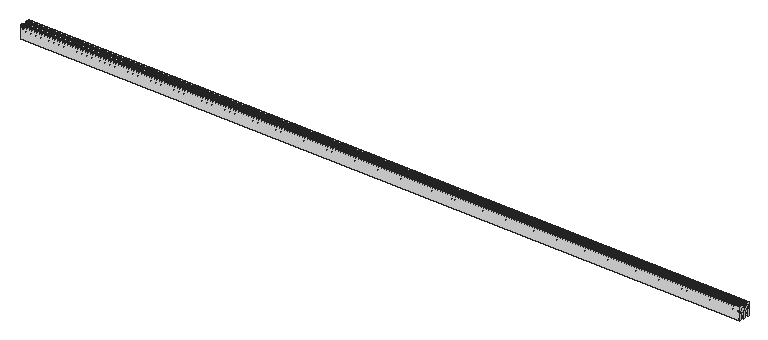
Revit family "BUS09S", category Electrical Fixtures, host Ceiling, Revit 2018 (continued)
Definition of nested family "BUS09S-BUSRUN"
  Forms (in)
    Extrusion 15, solid, material <- "Busrun Material", visible <- "6D"
      sketch origin (0, 0.50195, 2.392) x (0, -1, 0) y (0, 0, -1)
        loop
          arc (0.11829, 0.45189) -> (0.15595, 0.42248) -> (0.20258, 0.412) r 0.109
          line (0.20258, 0.412) -> (0.27058, 0.412)
          arc (0.27058, 0.412) -> (0.34765, 0.44393) -> (0.37958, 0.521) r 0.109
          line (0.37958, 0.521) -> (0.37958, 0.78047) -> (0.433, 0.873)
      from -72 to 72
    Extrusion 16, solid, material <- "Busrun Material", visible <- "4B"
      sketch origin (0, 0.50195, 2.392) x (0, -1, 0) y (0, 0, -1)
        loop
          line (0.25558, 0.873) -> (0.3337, 0.873)
          arc (0.3337, 0.873) -> (0.34928, 0.864) -> (0.34928, 0.846) r 0.018
          line (0.34928, 0.846) -> (0.32058, 0.79628) -> (0.32058, 0.74043) -> (0.37958, 0.74043) -> (0.37958, 0.78047) -> (0.433, 0.873) -> (0.433, 1.025) -> (0.39, 1.025) -> (0.39, 0.929) -> (0.31823, 0.929) -> (0.29366, 1.03109) -> (0.26205, 1.03109) -> (0.24808, 0.97303)
          arc (0.24808, 0.97303) -> (0.23087, 0.91845) -> (0.21366, 0.97303) r 0.03
          line (0.21366, 0.97303) -> (0.19969, 1.03109) -> (0.16807, 1.03109) -> (0.13523, 0.89459)
          arc (0.13523, 0.89459) -> (0.1385, 0.87967) -> (0.15224, 0.873) r 0.0175
          line (0.15224, 0.873) -> (0.19658, 0.873) -> (0.19658, 0.521)
          arc (0.19658, 0.521) -> (0.18193, 0.48564) -> (0.14658, 0.471) r 0.05
          line (0.14658, 0.471) -> (0.07858, 0.471)
          arc (0.07858, 0.471) -> (0.04322, 0.48564) -> (0.02858, 0.521) r 0.05
          line (0.02858, 0.521) -> (0.02858, 0.873) -> (0.07291, 0.873)
          arc (0.07291, 0.873) -> (0.08666, 0.87967) -> (0.08993, 0.89459) r 0.0175
          line (0.08993, 0.89459) -> (0.05968, 1.02029) -> (0.02858, 1.02029) -> (0.02063, 0.98724)
          arc (0.02063, 0.98724) -> (0, 0.97099) -> (-0.02063, 0.98724) r 0.02122
          line (-0.02063, 0.98724) -> (-0.02858, 1.02029) -> (-0.05968, 1.02029) -> (-0.08993, 0.89459)
          arc (-0.08993, 0.89459) -> (-0.08666, 0.87967) -> (-0.07291, 0.873) r 0.0175
          line (-0.07291, 0.873) -> (-0.02858, 0.873) -> (-0.02858, 0.521)
          arc (-0.02858, 0.521) -> (-0.04322, 0.48564) -> (-0.07858, 0.471) r 0.05
          line (-0.07858, 0.471) -> (-0.14658, 0.471)
          arc (-0.14658, 0.471) -> (-0.18193, 0.48564) -> (-0.19658, 0.521) r 0.05
          line (-0.19658, 0.521) -> (-0.19658, 0.873) -> (-0.15224, 0.873)
          arc (-0.15224, 0.873) -> (-0.1385, 0.87967) -> (-0.13523, 0.89459) r 0.0175
          line (-0.13523, 0.89459) -> (-0.16807, 1.03109) -> (-0.19969, 1.03109) -> (-0.21366, 0.97303)
          arc (-0.21366, 0.97303) -> (-0.23087, 0.91845) -> (-0.24808, 0.97303) r 0.03
          line (-0.24808, 0.97303) -> (-0.26205, 1.03109) -> (-0.29366, 1.03109) -> (-0.31823, 0.929) -> (-0.39, 0.929) -> (-0.39, 1.025) -> (-0.433, 1.025) -> (-0.433, 0.873) -> (-0.37958, 0.78047) -> (-0.37958, 0.74043) -> (-0.32058, 0.74043) -> (-0.32058, 0.79628) -> (-0.34928, 0.846)
          arc (-0.34928, 0.846) -> (-0.34928, 0.864) -> (-0.3337, 0.873) r 0.018
          line (-0.3337, 0.873) -> (-0.25558, 0.873) -> (-0.25558, 0.4733)
          arc (-0.25558, 0.4733) -> (-0.30016, 0.48069) -> (-0.32058, 0.521) r 0.05
          line (-0.32058, 0.521) -> (-0.32058, 0.5728) -> (-0.37958, 0.5728) -> (-0.37958, 0.521)
          arc (-0.37958, 0.521) -> (-0.34765, 0.44393) -> (-0.27058, 0.412) r 0.109
          line (-0.27058, 0.412) -> (-0.08429, 0.412)
          arc (-0.08429, 0.412) -> (-0.03766, 0.42248) -> (0, 0.45189) r 0.109
          arc (0, 0.45189) -> (0.03766, 0.42248) -> (0.08429, 0.412) r 0.109
          line (0.08429, 0.412) -> (0.27058, 0.412)
          arc (0.27058, 0.412) -> (0.34765, 0.44393) -> (0.37958, 0.521) r 0.109
          line (0.37958, 0.521) -> (0.37958, 0.5728) -> (0.32058, 0.5728) -> (0.32058, 0.521)
          arc (0.32058, 0.521) -> (0.30016, 0.48069) -> (0.25558, 0.4733) r 0.05
          line (0.25558, 0.4733) -> (0.25558, 0.873)
      from -72 to 72
    Extrusion 17, solid, material <- "Busrun Material", visible <- "4K"
      sketch origin (0, 0.50195, 2.392) x (0, -1, 0) y (0, 0, -1)
        loop
          line (0.25558, 0.873) -> (0.3337, 0.873)
          arc (0.3337, 0.873) -> (0.34928, 0.864) -> (0.34928, 0.846) r 0.018
          line (0.34928, 0.846) -> (0.32058, 0.79628) -> (0.32058, 0.74043) -> (0.37958, 0.74043) -> (0.37958, 0.78047) -> (0.433, 0.873) -> (0.433, 1.025) -> (0.39, 1.025) -> (0.39, 0.929) -> (0.31823, 0.929) -> (0.29366, 1.03109) -> (0.26205, 1.03109) -> (0.24808, 0.97303)
          arc (0.24808, 0.97303) -> (0.23087, 0.91845) -> (0.21366, 0.97303) r 0.03
          line (0.21366, 0.97303) -> (0.19969, 1.03109) -> (0.16807, 1.03109) -> (0.13523, 0.89459)
          arc (0.13523, 0.89459) -> (0.1385, 0.87967) -> (0.15224, 0.873) r 0.0175
          line (0.15224, 0.873) -> (0.19658, 0.873) -> (0.19658, 0.521)
          arc (0.19658, 0.521) -> (0.18193, 0.48564) -> (0.14658, 0.471) r 0.05
          line (0.14658, 0.471) -> (0.07858, 0.471)
          arc (0.07858, 0.471) -> (0.04322, 0.48564) -> (0.02858, 0.521) r 0.05
          line (0.02858, 0.521) -> (0.02858, 0.873) -> (0.07291, 0.873)
          arc (0.07291, 0.873) -> (0.08666, 0.87967) -> (0.08993, 0.89459) r 0.0175
          line (0.08993, 0.89459) -> (0.05968, 1.02029) -> (0.02858, 1.02029) -> (0.02063, 0.98724)
          arc (0.02063, 0.98724) -> (0, 0.97099) -> (-0.02063, 0.98724) r 0.02122
          line (-0.02063, 0.98724) -> (-0.02858, 1.02029) -> (-0.05968, 1.02029) -> (-0.08993, 0.89459)
          arc (-0.08993, 0.89459) -> (-0.08666, 0.87967) -> (-0.07291, 0.873) r 0.0175
          line (-0.07291, 0.873) -> (-0.02858, 0.873) -> (-0.02858, 0.521)
          arc (-0.02858, 0.521) -> (-0.04322, 0.48564) -> (-0.07858, 0.471) r 0.05
          line (-0.07858, 0.471) -> (-0.14658, 0.471)
          arc (-0.14658, 0.471) -> (-0.18193, 0.48564) -> (-0.19658, 0.521) r 0.05
          line (-0.19658, 0.521) -> (-0.19658, 0.873) -> (-0.15224, 0.873)
          arc (-0.15224, 0.873) -> (-0.1385, 0.87967) -> (-0.13523, 0.89459) r 0.0175
          line (-0.13523, 0.89459) -> (-0.16807, 1.03109) -> (-0.19969, 1.03109) -> (-0.21366, 0.97303)
          arc (-0.21366, 0.97303) -> (-0.23087, 0.91845) -> (-0.24808, 0.97303) r 0.03
          line (-0.24808, 0.97303) -> (-0.26205, 1.03109) -> (-0.29366, 1.03109) -> (-0.31823, 0.929) -> (-0.39, 0.929) -> (-0.39, 1.025) -> (-0.433, 1.025) -> (-0.433, 0.873) -> (-0.37958, 0.78047) -> (-0.37958, 0.74043) -> (-0.32058, 0.74043) -> (-0.32058, 0.79628) -> (-0.34928, 0.846)
          arc (-0.34928, 0.846) -> (-0.34928, 0.864) -> (-0.3337, 0.873) r 0.018
          line (-0.3337, 0.873) -> (-0.25558, 0.873) -> (-0.25558, 0.4733)
          arc (-0.25558, 0.4733) -> (-0.30016, 0.48069) -> (-0.32058, 0.521) r 0.05
          line (-0.32058, 0.521) -> (-0.32058, 0.5728) -> (-0.37958, 0.5728) -> (-0.37958, 0.521)
          arc (-0.37958, 0.521) -> (-0.34765, 0.44393) -> (-0.27058, 0.412) r 0.109
          line (-0.27058, 0.412) -> (-0.08429, 0.412)
          arc (-0.08429, 0.412) -> (-0.03766, 0.42248) -> (0, 0.45189) r 0.109
          arc (0, 0.45189) -> (0.03766, 0.42248) -> (0.08429, 0.412) r 0.109
          line (0.08429, 0.412) -> (0.27058, 0.412)
          arc (0.27058, 0.412) -> (0.34765, 0.44393) -> (0.37958, 0.521) r 0.109
          line (0.37958, 0.521) -> (0.37958, 0.5728) -> (0.32058, 0.5728) -> (0.32058, 0.521)
          arc (0.32058, 0.521) -> (0.30016, 0.48069) -> (0.25558, 0.4733) r 0.05
          line (0.25558, 0.4733) -> (0.25558, 0.873)
      from -72 to 72
  Dimensions and locks (in)
    equal spacing: plane 4, plane 3 "Center (Left/Right)", plane 5
    "Busrun Length": plane 4 to plane 5
    aligned and locked: level to plane 2
    aligned and locked: Extrusion 1 to plane 4
    aligned and locked: Extrusion 1 to plane 5
    aligned and locked: nested 1 to Extrusion 3
    aligned and locked: nested 2 to Extrusion 3
    aligned and locked: Extrusion 3 to nested 3
    aligned and locked: nested 4 to Extrusion 5
    aligned and locked: nested 5 to Extrusion 7
    aligned and locked: nested 6 to Extrusion 7
    aligned and locked: Extrusion 7 to nested 8
    aligned and locked: Extrusion 7 to nested 7
    aligned and locked: nested 9 to Extrusion 11
    aligned and locked: nested 10 to Extrusion 11
    aligned and locked: Extrusion 11 to nested 11
    aligned and locked: nested 12 to Extrusion 13
    aligned and locked: nested 13 to Extrusion 15
    aligned and locked: nested 14 to Extrusion 15
    aligned and locked: Extrusion 15 to nested 16
    aligned and locked: Extrusion 15 to nested 15
    aligned and locked: Extrusion 9 to plane 4
    aligned and locked: Extrusion 8 to plane 4
    aligned and locked: Extrusion 7 to plane 4
    aligned and locked: Extrusion 6 to plane 4
    aligned and locked: Extrusion 5 to plane 4
    aligned and locked: Extrusion 4 to plane 4
    aligned and locked: Extrusion 3 to plane 4
    aligned and locked: Extrusion 2 to plane 4
    aligned and locked: Extrusion 17 to plane 4
    aligned and locked: Extrusion 16 to plane 4
    aligned and locked: Extrusion 15 to plane 4
    aligned and locked: Extrusion 14 to plane 4
    aligned and locked: Extrusion 13 to plane 4
    aligned and locked: Extrusion 12 to plane 4
    aligned and locked: Extrusion 11 to plane 4
    aligned and locked: Extrusion 10 to plane 4
    aligned and locked: Extrusion 9 to plane 5
    aligned and locked: Extrusion 8 to plane 5
    aligned and locked: Extrusion 7 to plane 5
    aligned and locked: Extrusion 6 to plane 5
    aligned and locked: Extrusion 5 to plane 5
    aligned and locked: Extrusion 4 to plane 5
    aligned and locked: Extrusion 3 to plane 5
    aligned and locked: Extrusion 2 to plane 5
    aligned and locked: Extrusion 17 to plane 5
    aligned and locked: Extrusion 16 to plane 5
    aligned and locked: Extrusion 15 to plane 5
    aligned and locked: Extrusion 14 to plane 5
    aligned and locked: Extrusion 13 to plane 5
    aligned and locked: Extrusion 12 to plane 5
    aligned and locked: Extrusion 11 to plane 5
    aligned and locked: Extrusion 10 to plane 5
  Automatic sketch dimensions
    Extrusion 1 sketch curve to level = 0' - 0"  (x3)
    plane 1 "Center (Front/Back)" to Extrusion 1 sketch curve = 0' - 1.03995"
    Extrusion 1 sketch curve to Extrusion 1 sketch curve = 0' - 0.1"  (x6)
    Extrusion 1 sketch curve to Extrusion 1 sketch curve = 0' - 0"  (x8)
    level to Extrusion 1 sketch curve = 0' - 0.3228"  (x2)
    level to Extrusion 1 sketch curve = 0' - 0.327"  (x2)
    Extrusion 1 sketch curve to Extrusion 1 sketch curve = 0' - 0.048"  (x8)
    Extrusion 1 sketch curve to Extrusion 1 sketch curve = 0' - 0.035"  (x3)
    Extrusion 1 sketch curve to Extrusion 1 sketch curve = 0' - 0.103"  (x4)
    Extrusion 1 sketch curve to Extrusion 1 sketch curve = 0' - 0.317"  (x2)
    plane 1 "Center (Front/Back)" to Extrusion 1 sketch curve = 0' - 0.14695"
    plane 1 "Center (Front/Back)" to Extrusion 1 sketch curve = 0' - 0.11195"  (x3)
    plane 1 "Center (Front/Back)" to Extrusion 1 sketch curve = 0' - 0.06395"
    Extrusion 1 sketch curve to plane 1 "Center (Front/Back)" = 0' - 0.06005"  (x2)
    Extrusion 1 sketch curve to plane 1 "Center (Front/Back)" = 0' - 0.10805"
    Extrusion 1 sketch curve to plane 1 "Center (Front/Back)" = 0' - 0.33305"
    Extrusion 1 sketch curve to Extrusion 1 sketch curve = 0' - 0.297"
    Extrusion 1 sketch curve to Extrusion 1 sketch curve = 0' - 0.78"
    level to Extrusion 1 sketch curve = 0' - 0.398"
    Extrusion 1 sketch curve to Extrusion 1 sketch curve = 0' - 0.0042"  (x3)
    Extrusion 1 sketch curve to Extrusion 1 sketch curve = 0' - 0.0752"  (x3)
    Extrusion 1 sketch curve to Extrusion 1 sketch curve = 0' - 0.098"  (x4)
    Extrusion 1 sketch curve to Extrusion 1 sketch curve = 0' - 0.854"  (x2)
    Extrusion 1 sketch curve to Extrusion 1 sketch curve = 0' - 0.505"  (x3)
    Extrusion 1 sketch curve to Extrusion 1 sketch curve = 0' - 0 1/8"  (x2)
    Extrusion 1 sketch curve to Extrusion 1 sketch curve = 0' - 0 1/4"  (x4)
    Extrusion 1 sketch curve to Extrusion 1 sketch curve = 0' - 0.062"  (x4)
    Extrusion 2 sketch curve to Extrusion 2 sketch curve = 0' - 0"  (x19)
    plane 1 "Center (Front/Back)" to Extrusion 2 sketch curve = 0' - 0.93495"
    Extrusion 2 sketch curve to Extrusion 2 sketch curve = 0' - 0.043"  (x2)
    Extrusion 2 sketch curve to Extrusion 2 sketch curve = 0' - 0.05342"
    Extrusion 2 sketch curve to Extrusion 2 sketch curve = 0' - 0.03939"  (x2)
    Extrusion 2 sketch curve to Extrusion 2 sketch curve = 0' - 0.06489"
    Extrusion 2 sketch curve to Extrusion 2 sketch curve = 0' - 0.059"  (x3)
    Extrusion 2 sketch curve to Extrusion 2 sketch curve = 0' - 0.0576"  (x2)
    Extrusion 2 sketch curve to Extrusion 2 sketch curve = 0' - 0.04433"  (x6)
    Extrusion 2 sketch curve to Extrusion 2 sketch curve = 0' - 0.05"  (x3)
    Extrusion 2 sketch curve to Extrusion 2 sketch curve = 0' - 0.01701"  (x7)
    Extrusion 2 sketch curve to Extrusion 2 sketch curve = 0' - 0.0453"  (x3)
    Extrusion 2 sketch curve to Extrusion 2 sketch curve = 0' - 0.068"  (x3)
    Extrusion 2 sketch curve to Extrusion 2 sketch curve = 0' - 0.11197"  (x2)
    Extrusion 2 sketch curve to Extrusion 2 sketch curve = 0' - 0.03154"  (x4)
    Extrusion 2 sketch curve to Extrusion 2 sketch curve = 0' - 0.01401"  (x4)
    Extrusion 2 sketch curve to Extrusion 2 sketch curve = 0' - 0.01721"  (x4)
    Extrusion 2 sketch curve to Extrusion 2 sketch curve = 0' - 0.06858"  (x2)
    Extrusion 2 sketch curve to Extrusion 2 sketch curve = 0' - 0.11106"
    Extrusion 2 sketch curve to Extrusion 2 sketch curve = 0' - 0.00972"
    level to Extrusion 2 sketch curve = 0' - 1.357"
    Extrusion 2 sketch curve to Extrusion 2 sketch curve = 0' - 0.00375"  (x2)
    Extrusion 2 sketch curve to Extrusion 2 sketch curve = 0' - 0.01"  (x2)
    Extrusion 2 sketch curve to Extrusion 2 sketch curve = 0' - 0.05822"  (x2)
    Extrusion 2 sketch curve to Extrusion 2 sketch curve = 0' - 0.08441"
    Extrusion 2 sketch curve to Extrusion 2 sketch curve = 0' - 0.02457"  (x2)
    Extrusion 2 sketch curve to Extrusion 2 sketch curve = 0' - 0.00409"  (x7)
    Extrusion 2 sketch curve to Extrusion 2 sketch curve = 0' - 0.096"
    Extrusion 2 sketch curve to Extrusion 2 sketch curve = 0' - 0.056"  (x3)
    Extrusion 2 sketch curve to Extrusion 2 sketch curve = 0' - 0.05386"  (x2)
    Extrusion 2 sketch curve to Extrusion 2 sketch curve = 0' - 0.09253"  (x2)
    Extrusion 2 sketch curve to Extrusion 2 sketch curve = 0' - 0.25947"  (x2)
    Extrusion 3 sketch curve to Extrusion 3 sketch curve = 0' - 0"  (x20)
    plane 1 "Center (Front/Back)" to Extrusion 3 sketch curve = 0' - 0.93495"
    Extrusion 3 sketch curve to Extrusion 3 sketch curve = 0' - 0.043"  (x2)
    Extrusion 3 sketch curve to Extrusion 3 sketch curve = 0' - 0.05342"  (x2)
    Extrusion 3 sketch curve to Extrusion 3 sketch curve = 0' - 0.03939"  (x2)
    Extrusion 3 sketch curve to Extrusion 3 sketch curve = 0' - 0.03029"
    Extrusion 3 sketch curve to Extrusion 3 sketch curve = 0' - 0.01559"
    Extrusion 3 sketch curve to Extrusion 3 sketch curve = 0' - 0.00859"
    Extrusion 3 sketch curve to Extrusion 3 sketch curve = 0' - 0.059"  (x4)
    Extrusion 3 sketch curve to Extrusion 3 sketch curve = 0' - 0.0576"  (x3)
    Extrusion 3 sketch curve to Extrusion 3 sketch curve = 0' - 0.05"  (x3)
    Extrusion 3 sketch curve to Extrusion 3 sketch curve = 0' - 0.06186"
    Extrusion 3 sketch curve to Extrusion 3 sketch curve = 0' - 0.068"  (x3)
    Extrusion 3 sketch curve to Extrusion 3 sketch curve = 0' - 0.0246"
    Extrusion 3 sketch curve to Extrusion 3 sketch curve = 0' - 0.05307"
    Extrusion 3 sketch curve to Extrusion 3 sketch curve = 0' - 0.03154"  (x4)
    Extrusion 3 sketch curve to Extrusion 3 sketch curve = 0' - 0.01401"  (x4)
    Extrusion 3 sketch curve to Extrusion 3 sketch curve = 0' - 0.01721"  (x4)
    Extrusion 3 sketch curve to Extrusion 3 sketch curve = 0' - 0.06858"  (x2)
    Extrusion 3 sketch curve to Extrusion 3 sketch curve = 0' - 0.04433"  (x4)
    Extrusion 3 sketch curve to Extrusion 3 sketch curve = 0' - 0.01701"  (x5)
    Extrusion 3 sketch curve to Extrusion 3 sketch curve = 0' - 0.0453"  (x2)
    Extrusion 3 sketch curve to Extrusion 3 sketch curve = 0' - 0.11106"
    Extrusion 3 sketch curve to Extrusion 3 sketch curve = 0' - 0.11197"
    Extrusion 3 sketch curve to Extrusion 3 sketch curve = 0' - 0.00972"
    level to Extrusion 3 sketch curve = 0' - 1.357"
    Extrusion 3 sketch curve to Extrusion 3 sketch curve = 0' - 0.00375"
    Extrusion 3 sketch curve to Extrusion 3 sketch curve = 0' - 0.01"  (x2)
    Extrusion 3 sketch curve to Extrusion 3 sketch curve = 0' - 0.05822"  (x2)
    Extrusion 3 sketch curve to Extrusion 3 sketch curve = 0' - 0.08441"
    Extrusion 3 sketch curve to Extrusion 3 sketch curve = 0' - 0.02457"  (x2)
    Extrusion 3 sketch curve to Extrusion 3 sketch curve = 0' - 0.00409"  (x5)
    Extrusion 3 sketch curve to Extrusion 3 sketch curve = 0' - 0.106"
    Extrusion 3 sketch curve to Extrusion 3 sketch curve = 0' - 0.096"
    Extrusion 3 sketch curve to Extrusion 3 sketch curve = 0' - 0.05386"  (x2)
    Extrusion 3 sketch curve to Extrusion 3 sketch curve = 0' - 0.056"  (x2)
    Extrusion 3 sketch curve to Extrusion 3 sketch curve = 0' - 0.018"
    Extrusion 3 sketch curve to Extrusion 3 sketch curve = 0' - 0.04972"
    Extrusion 3 sketch curve to Extrusion 3 sketch curve = 0' - 0.09253"
    Extrusion 3 sketch curve to Extrusion 3 sketch curve = 0' - 0.01581"
    Extrusion 3 sketch curve to Extrusion 3 sketch curve = 0' - 0.05585"
    Extrusion 3 sketch curve to Extrusion 3 sketch curve = 0' - 0.16764"
    Extrusion 3 sketch curve to Extrusion 3 sketch curve = 0' - 0.0518"
    Extrusion 3 sketch curve to Extrusion 3 sketch curve = 0' - 0.25947"
    Extrusion 4 sketch curve to Extrusion 4 sketch curve = 0' - 0"  (x21)
    plane 1 "Center (Front/Back)" to Extrusion 4 sketch curve = 0' - 0.93495"
    Extrusion 4 sketch curve to Extrusion 4 sketch curve = 0' - 0.043"
    Extrusion 4 sketch curve to Extrusion 4 sketch curve = 0' - 0.05342"
    Extrusion 4 sketch curve to Extrusion 4 sketch curve = 0' - 0.03939"  (x2)
    Extrusion 4 sketch curve to Extrusion 4 sketch curve = 0' - 0.03029"
    Extrusion 4 sketch curve to Extrusion 4 sketch curve = 0' - 0.01559"
    Extrusion 4 sketch curve to Extrusion 4 sketch curve = 0' - 0.00859"
    Extrusion 4 sketch curve to Extrusion 4 sketch curve = 0' - 0.059"  (x4)
    Extrusion 4 sketch curve to Extrusion 4 sketch curve = 0' - 0.0576"  (x2)
    Extrusion 4 sketch curve to Extrusion 4 sketch curve = 0' - 0.05745"
    Extrusion 4 sketch curve to Extrusion 4 sketch curve = 0' - 0.05"  (x3)
    Extrusion 4 sketch curve to Extrusion 4 sketch curve = 0' - 0.01701"  (x7)
    Extrusion 4 sketch curve to Extrusion 4 sketch curve = 0' - 0.0453"  (x3)
    Extrusion 4 sketch curve to Extrusion 4 sketch curve = 0' - 0.068"  (x3)
    Extrusion 4 sketch curve to Extrusion 4 sketch curve = 0' - 0.11197"  (x2)
    Extrusion 4 sketch curve to Extrusion 4 sketch curve = 0' - 0.04433"  (x5)
    Extrusion 4 sketch curve to Extrusion 4 sketch curve = 0' - 0.03154"  (x4)
    Extrusion 4 sketch curve to Extrusion 4 sketch curve = 0' - 0.01401"  (x4)
    Extrusion 4 sketch curve to Extrusion 4 sketch curve = 0' - 0.01721"  (x4)
    Extrusion 4 sketch curve to Extrusion 4 sketch curve = 0' - 0.06858"  (x2)
    Extrusion 4 sketch curve to Extrusion 4 sketch curve = 0' - 0.11106"
    Extrusion 4 sketch curve to Extrusion 4 sketch curve = 0' - 0.00972"
    plane 1 "Center (Front/Back)" to Extrusion 4 sketch curve = 0' - 0.06895"
    level to Extrusion 4 sketch curve = 0' - 1.357"
    Extrusion 4 sketch curve to Extrusion 4 sketch curve = 0' - 0.00375"
    Extrusion 4 sketch curve to Extrusion 4 sketch curve = 0' - 0.01"  (x2)
    Extrusion 4 sketch curve to Extrusion 4 sketch curve = 0' - 0.05822"  (x2)
    Extrusion 4 sketch curve to Extrusion 4 sketch curve = 0' - 0.08441"
    Extrusion 4 sketch curve to Extrusion 4 sketch curve = 0' - 0.02457"  (x2)
    Extrusion 4 sketch curve to Extrusion 4 sketch curve = 0' - 0.00409"  (x7)
    Extrusion 4 sketch curve to Extrusion 4 sketch curve = 0' - 0.096"
    Extrusion 4 sketch curve to Extrusion 4 sketch curve = 0' - 0.05386"  (x2)
    Extrusion 4 sketch curve to Extrusion 4 sketch curve = 0' - 0.03441"
    Extrusion 4 sketch curve to Extrusion 4 sketch curve = 0' - 0.056"  (x2)
    Extrusion 4 sketch curve to Extrusion 4 sketch curve = 0' - 0.018"
    Extrusion 4 sketch curve to Extrusion 4 sketch curve = 0' - 0.04972"
    Extrusion 4 sketch curve to Extrusion 4 sketch curve = 0' - 0.01581"
    Extrusion 4 sketch curve to Extrusion 4 sketch curve = 0' - 0.09253"
    Extrusion 4 sketch curve to Extrusion 4 sketch curve = 0' - 0.04004"
    Extrusion 4 sketch curve to Extrusion 4 sketch curve = 0' - 0.16764"
    Extrusion 4 sketch curve to Extrusion 4 sketch curve = 0' - 0.0518"
    Extrusion 4 sketch curve to Extrusion 4 sketch curve = 0' - 0.25947"
    Extrusion 5 sketch curve to Extrusion 5 sketch curve = 0' - 0"  (x13)
    plane 1 "Center (Front/Back)" to Extrusion 5 sketch curve = 0' - 0.93495"
    Extrusion 5 sketch curve to Extrusion 5 sketch curve = 0' - 0.043"
    Extrusion 5 sketch curve to Extrusion 5 sketch curve = 0' - 0.05342"
    Extrusion 5 sketch curve to Extrusion 5 sketch curve = 0' - 0.03029"
    Extrusion 5 sketch curve to Extrusion 5 sketch curve = 0' - 0.01559"
    Extrusion 5 sketch curve to Extrusion 5 sketch curve = 0' - 0.059"  (x3)
    Extrusion 5 sketch curve to Extrusion 5 sketch curve = 0' - 0.02871"
    Extrusion 5 sketch curve to Extrusion 5 sketch curve = 0' - 0.01547"
    Extrusion 5 sketch curve to Extrusion 5 sketch curve = 0' - 0.09681"
    Extrusion 5 sketch curve to Extrusion 5 sketch curve = 0' - 0.03101"
    Extrusion 5 sketch curve to Extrusion 5 sketch curve = 0' - 0.06495"
    Extrusion 5 sketch curve to Extrusion 5 sketch curve = 0' - 0.00055"
    Extrusion 5 sketch curve to Extrusion 5 sketch curve = 0' - 0.00238"
    Extrusion 5 sketch curve to Extrusion 5 sketch curve = 0' - 0.01444"
    Extrusion 5 sketch curve to Extrusion 5 sketch curve = 0' - 0.09545"
    Extrusion 5 sketch curve to Extrusion 5 sketch curve = 0' - 0.01721"  (x4)
    Extrusion 5 sketch curve to Extrusion 5 sketch curve = 0' - 0.01491"  (x3)
    Extrusion 5 sketch curve to Extrusion 5 sketch curve = 0' - 0.04674"
    Extrusion 5 sketch curve to Extrusion 5 sketch curve = 0' - 0.05"  (x3)
    Extrusion 5 sketch curve to Extrusion 5 sketch curve = 0' - 0.06654"  (x2)
    Extrusion 5 sketch curve to Extrusion 5 sketch curve = 0' - 0.03491"
    Extrusion 5 sketch curve to Extrusion 5 sketch curve = 0' - 0.068"  (x2)
    Extrusion 5 sketch curve to Extrusion 5 sketch curve = 0' - 0.11287"  (x2)
    Extrusion 5 sketch curve to Extrusion 5 sketch curve = 0' - 0.06449"  (x2)
    Extrusion 5 sketch curve to Extrusion 5 sketch curve = 0' - 0.06904"  (x2)
    Extrusion 5 sketch curve to Extrusion 5 sketch curve = 0' - 0.04433"
    Extrusion 5 sketch curve to Extrusion 5 sketch curve = 0' - 0.01701"  (x3)
    Extrusion 5 sketch curve to Extrusion 5 sketch curve = 0' - 0.0453"
    Extrusion 5 sketch curve to Extrusion 5 sketch curve = 0' - 0.00972"
    Extrusion 5 sketch curve to Extrusion 5 sketch curve = 0' - 0.0576"
    Extrusion 5 sketch curve to Extrusion 5 sketch curve = 0' - 0.03939"
    Extrusion 5 sketch curve to Extrusion 5 sketch curve = 0' - 0.06875"
    level to Extrusion 5 sketch curve = 0' - 1.357"
    Extrusion 5 sketch curve to Extrusion 5 sketch curve = 0' - 0.00195"
    Extrusion 5 sketch curve to Extrusion 5 sketch curve = 0' - 0.00805"
    Extrusion 5 sketch curve to Extrusion 5 sketch curve = 0' - 0.01"
    Extrusion 5 sketch curve to Extrusion 5 sketch curve = 0' - 0.06197"
    Extrusion 5 sketch curve to Extrusion 5 sketch curve = 0' - 0.06002"
    Extrusion 5 sketch curve to Extrusion 5 sketch curve = 0' - 0.08441"
    Extrusion 5 sketch curve to Extrusion 5 sketch curve = 0' - 0.02457"  (x2)
    Extrusion 5 sketch curve to Extrusion 5 sketch curve = 0' - 0.00409"  (x3)
    Extrusion 5 sketch curve to Extrusion 5 sketch curve = 0' - 0.096"
    Extrusion 5 sketch curve to Extrusion 5 sketch curve = 0' - 0.056"  (x3)
    Extrusion 5 sketch curve to Extrusion 5 sketch curve = 0' - 0.10003"
    Extrusion 5 sketch curve to Extrusion 5 sketch curve = 0' - 0.05745"
    Extrusion 5 sketch curve to Extrusion 5 sketch curve = 0' - 0.018"
    Extrusion 5 sketch curve to Extrusion 5 sketch curve = 0' - 0.04972"
    Extrusion 5 sketch curve to Extrusion 5 sketch curve = 0' - 0.09108"
    Extrusion 5 sketch curve to Extrusion 5 sketch curve = 0' - 0.01581"
    Extrusion 5 sketch curve to Extrusion 5 sketch curve = 0' - 0.05585"
    Extrusion 5 sketch curve to Extrusion 5 sketch curve = 0' - 0.16764"
    Extrusion 5 sketch curve to Extrusion 5 sketch curve = 0' - 0.03368"
    Extrusion 5 sketch curve to Extrusion 5 sketch curve = 0' - 0.00217"
    Extrusion 5 sketch curve to Extrusion 5 sketch curve = 0' - 0.26092"
    Extrusion 5 sketch curve to Extrusion 5 sketch curve = 0' - 0.0518"  (x2)
    Extrusion 6 sketch curve to Extrusion 6 sketch curve = 0' - 0"  (x19)
    plane 1 "Center (Front/Back)" to Extrusion 6 sketch curve = 0' - 0.93495"
    Extrusion 6 sketch curve to Extrusion 6 sketch curve = 0' - 0.043"  (x2)
    Extrusion 6 sketch curve to Extrusion 6 sketch curve = 0' - 0.05342"
    Extrusion 6 sketch curve to Extrusion 6 sketch curve = 0' - 0.03939"  (x2)
    Extrusion 6 sketch curve to Extrusion 6 sketch curve = 0' - 0.06489"
    Extrusion 6 sketch curve to Extrusion 6 sketch curve = 0' - 0.059"  (x3)
    Extrusion 6 sketch curve to Extrusion 6 sketch curve = 0' - 0.0576"  (x2)
    Extrusion 6 sketch curve to Extrusion 6 sketch curve = 0' - 0.04433"  (x6)
    Extrusion 6 sketch curve to Extrusion 6 sketch curve = 0' - 0.05"  (x3)
    Extrusion 6 sketch curve to Extrusion 6 sketch curve = 0' - 0.01701"  (x7)
    Extrusion 6 sketch curve to Extrusion 6 sketch curve = 0' - 0.0453"  (x3)
    Extrusion 6 sketch curve to Extrusion 6 sketch curve = 0' - 0.068"  (x3)
    Extrusion 6 sketch curve to Extrusion 6 sketch curve = 0' - 0.11197"  (x2)
    Extrusion 6 sketch curve to Extrusion 6 sketch curve = 0' - 0.03154"  (x4)
    Extrusion 6 sketch curve to Extrusion 6 sketch curve = 0' - 0.01401"  (x4)
    Extrusion 6 sketch curve to Extrusion 6 sketch curve = 0' - 0.01721"  (x4)
    Extrusion 6 sketch curve to Extrusion 6 sketch curve = 0' - 0.06858"  (x2)
    Extrusion 6 sketch curve to Extrusion 6 sketch curve = 0' - 0.11106"
    Extrusion 6 sketch curve to Extrusion 6 sketch curve = 0' - 0.00972"
    level to Extrusion 6 sketch curve = 0' - 1.357"
    Extrusion 6 sketch curve to Extrusion 6 sketch curve = 0' - 0.00375"  (x2)
    Extrusion 6 sketch curve to Extrusion 6 sketch curve = 0' - 0.01"  (x2)
    Extrusion 6 sketch curve to Extrusion 6 sketch curve = 0' - 0.05822"  (x2)
    Extrusion 6 sketch curve to Extrusion 6 sketch curve = 0' - 0.08441"
    Extrusion 6 sketch curve to Extrusion 6 sketch curve = 0' - 0.02457"  (x2)
    Extrusion 6 sketch curve to Extrusion 6 sketch curve = 0' - 0.00409"  (x7)
    Extrusion 6 sketch curve to Extrusion 6 sketch curve = 0' - 0.096"
    Extrusion 6 sketch curve to Extrusion 6 sketch curve = 0' - 0.056"  (x3)
    Extrusion 6 sketch curve to Extrusion 6 sketch curve = 0' - 0.05386"  (x2)
    Extrusion 6 sketch curve to Extrusion 6 sketch curve = 0' - 0.09253"  (x2)
    Extrusion 6 sketch curve to Extrusion 6 sketch curve = 0' - 0.25947"  (x2)
    Extrusion 7 sketch curve to Extrusion 7 sketch curve = 0' - 0"  (x19)
    plane 1 "Center (Front/Back)" to Extrusion 7 sketch curve = 0' - 0.93495"
    Extrusion 7 sketch curve to Extrusion 7 sketch curve = 0' - 0.043"  (x2)
    Extrusion 7 sketch curve to Extrusion 7 sketch curve = 0' - 0.05342"
    Extrusion 7 sketch curve to Extrusion 7 sketch curve = 0' - 0.03939"  (x2)
    Extrusion 7 sketch curve to Extrusion 7 sketch curve = 0' - 0.06489"
    Extrusion 7 sketch curve to Extrusion 7 sketch curve = 0' - 0.059"  (x3)
    Extrusion 7 sketch curve to Extrusion 7 sketch curve = 0' - 0.0576"  (x2)
    Extrusion 7 sketch curve to Extrusion 7 sketch curve = 0' - 0.04433"  (x6)
    Extrusion 7 sketch curve to Extrusion 7 sketch curve = 0' - 0.05"  (x3)
    Extrusion 7 sketch curve to Extrusion 7 sketch curve = 0' - 0.01701"  (x7)
    Extrusion 7 sketch curve to Extrusion 7 sketch curve = 0' - 0.0453"  (x3)
    Extrusion 7 sketch curve to Extrusion 7 sketch curve = 0' - 0.068"  (x3)
    Extrusion 7 sketch curve to Extrusion 7 sketch curve = 0' - 0.11197"  (x2)
    Extrusion 7 sketch curve to Extrusion 7 sketch curve = 0' - 0.03154"  (x4)
    Extrusion 7 sketch curve to Extrusion 7 sketch curve = 0' - 0.01401"  (x4)
    Extrusion 7 sketch curve to Extrusion 7 sketch curve = 0' - 0.01721"  (x4)
    Extrusion 7 sketch curve to Extrusion 7 sketch curve = 0' - 0.06858"  (x2)
    Extrusion 7 sketch curve to Extrusion 7 sketch curve = 0' - 0.11106"
    Extrusion 7 sketch curve to Extrusion 7 sketch curve = 0' - 0.00972"
    level to Extrusion 7 sketch curve = 0' - 1.357"
    Extrusion 7 sketch curve to Extrusion 7 sketch curve = 0' - 0.00375"  (x2)
    Extrusion 7 sketch curve to Extrusion 7 sketch curve = 0' - 0.01"  (x2)
    Extrusion 7 sketch curve to Extrusion 7 sketch curve = 0' - 0.05822"  (x2)
    Extrusion 7 sketch curve to Extrusion 7 sketch curve = 0' - 0.08441"
    Extrusion 7 sketch curve to Extrusion 7 sketch curve = 0' - 0.02457"  (x2)
    Extrusion 7 sketch curve to Extrusion 7 sketch curve = 0' - 0.00409"  (x7)
    Extrusion 7 sketch curve to Extrusion 7 sketch curve = 0' - 0.096"
    Extrusion 7 sketch curve to Extrusion 7 sketch curve = 0' - 0.056"  (x3)
    Extrusion 7 sketch curve to Extrusion 7 sketch curve = 0' - 0.05386"  (x2)
    Extrusion 7 sketch curve to Extrusion 7 sketch curve = 0' - 0.09253"  (x2)
    Extrusion 7 sketch curve to Extrusion 7 sketch curve = 0' - 0.25947"  (x2)
    Extrusion 8 sketch curve to Extrusion 8 sketch curve = 0' - 0"  (x13)
    plane 1 "Center (Front/Back)" to Extrusion 8 sketch curve = 0' - 0.93495"
    Extrusion 8 sketch curve to Extrusion 8 sketch curve = 0' - 0.043"
    Extrusion 8 sketch curve to Extrusion 8 sketch curve = 0' - 0.05342"
    Extrusion 8 sketch curve to Extrusion 8 sketch curve = 0' - 0.03029"
    Extrusion 8 sketch curve to Extrusion 8 sketch curve = 0' - 0.01559"  (x2)
    Extrusion 8 sketch curve to Extrusion 8 sketch curve = 0' - 0.02871"
    Extrusion 8 sketch curve to Extrusion 8 sketch curve = 0' - 0.059"  (x5)
    Extrusion 8 sketch curve to Extrusion 8 sketch curve = 0' - 0.01547"
    Extrusion 8 sketch curve to Extrusion 8 sketch curve = 0' - 0.09634"  (x2)
    Extrusion 8 sketch curve to Extrusion 8 sketch curve = 0' - 0.05"  (x5)
    Extrusion 8 sketch curve to Extrusion 8 sketch curve = 0' - 0.03162"  (x4)
    Extrusion 8 sketch curve to Extrusion 8 sketch curve = 0' - 0 5/64"
    Extrusion 8 sketch curve to Extrusion 8 sketch curve = 0' - 0.01397"  (x4)
    Extrusion 8 sketch curve to Extrusion 8 sketch curve = 0' - 0.01721"  (x4)
    Extrusion 8 sketch curve to Extrusion 8 sketch curve = 0' - 0.04433"  (x3)
    Extrusion 8 sketch curve to Extrusion 8 sketch curve = 0' - 0.01701"  (x4)
    Extrusion 8 sketch curve to Extrusion 8 sketch curve = 0' - 0.0453"  (x2)
    Extrusion 8 sketch curve to Extrusion 8 sketch curve = 0' - 0.06229"  (x2)
    Extrusion 8 sketch curve to Extrusion 8 sketch curve = 0' - 0.00571"  (x2)
    Extrusion 8 sketch curve to Extrusion 8 sketch curve = 0' - 0.10839"  (x2)
    Extrusion 8 sketch curve to Extrusion 8 sketch curve = 0' - 0.0311"  (x2)
    Extrusion 8 sketch curve to Extrusion 8 sketch curve = 0' - 0.00795"  (x2)
    Extrusion 8 sketch curve to Extrusion 8 sketch curve = 0' - 0.02063"  (x2)
    Extrusion 8 sketch curve to Extrusion 8 sketch curve = 0' - 0.05716"
    Extrusion 8 sketch curve to Extrusion 8 sketch curve = 0' - 0.015"
    Extrusion 8 sketch curve to Extrusion 8 sketch curve = 0' - 0.07015"
    Extrusion 8 sketch curve to Extrusion 8 sketch curve = 0' - 0.065"
    Extrusion 8 sketch curve to Extrusion 8 sketch curve = 0' - 0.01312"
    plane 1 "Center (Front/Back)" to Extrusion 8 sketch curve = 0' - 0.06895"
    level to Extrusion 8 sketch curve = 0' - 1.36091"
    Extrusion 8 sketch curve to Extrusion 8 sketch curve = 0' - 0.00609"  (x2)
    Extrusion 8 sketch curve to Extrusion 8 sketch curve = 0' - 0.0108"
    Extrusion 8 sketch curve to Extrusion 8 sketch curve = 0' - 0.02808"
    Extrusion 8 sketch curve to Extrusion 8 sketch curve = 0' - 0.00496"
    Extrusion 8 sketch curve to Extrusion 8 sketch curve = 0' - 0.05806"  (x2)
    Extrusion 8 sketch curve to Extrusion 8 sketch curve = 0' - 0.02457"  (x2)
    Extrusion 8 sketch curve to Extrusion 8 sketch curve = 0' - 0.04403"  (x2)
    Extrusion 8 sketch curve to Extrusion 8 sketch curve = 0' - 0.09265"  (x2)
    Extrusion 8 sketch curve to Extrusion 8 sketch curve = 0' - 0.00409"  (x4)
    Extrusion 8 sketch curve to Extrusion 8 sketch curve = 0' - 0.056"  (x4)
    Extrusion 8 sketch curve to Extrusion 8 sketch curve = 0' - 0.018"  (x2)
    Extrusion 8 sketch curve to Extrusion 8 sketch curve = 0' - 0.04972"  (x2)
    Extrusion 8 sketch curve to Extrusion 8 sketch curve = 0' - 0.01581"  (x2)
    Extrusion 8 sketch curve to Extrusion 8 sketch curve = 0' - 0.05585"  (x2)
    Extrusion 8 sketch curve to Extrusion 8 sketch curve = 0' - 0.16764"  (x2)
    Extrusion 8 sketch curve to Extrusion 8 sketch curve = 0' - 0.0518"  (x2)
    Extrusion 8 sketch curve to Extrusion 8 sketch curve = 0' - 0.109"  (x2)
    Extrusion 9 sketch curve to Extrusion 9 sketch curve = 0' - 0"  (x13)
    plane 1 "Center (Front/Back)" to Extrusion 9 sketch curve = 0' - 0.93495"
    Extrusion 9 sketch curve to Extrusion 9 sketch curve = 0' - 0.043"
    Extrusion 9 sketch curve to Extrusion 9 sketch curve = 0' - 0.05342"
    Extrusion 9 sketch curve to Extrusion 9 sketch curve = 0' - 0.03029"
    Extrusion 9 sketch curve to Extrusion 9 sketch curve = 0' - 0.01559"  (x2)
    Extrusion 9 sketch curve to Extrusion 9 sketch curve = 0' - 0.02871"
    Extrusion 9 sketch curve to Extrusion 9 sketch curve = 0' - 0.059"  (x5)
    Extrusion 9 sketch curve to Extrusion 9 sketch curve = 0' - 0.01547"
    Extrusion 9 sketch curve to Extrusion 9 sketch curve = 0' - 0.09634"  (x2)
    Extrusion 9 sketch curve to Extrusion 9 sketch curve = 0' - 0.05"  (x5)
    Extrusion 9 sketch curve to Extrusion 9 sketch curve = 0' - 0.03162"  (x4)
    Extrusion 9 sketch curve to Extrusion 9 sketch curve = 0' - 0 5/64"
    Extrusion 9 sketch curve to Extrusion 9 sketch curve = 0' - 0.01397"  (x4)
    Extrusion 9 sketch curve to Extrusion 9 sketch curve = 0' - 0.01721"  (x4)
    Extrusion 9 sketch curve to Extrusion 9 sketch curve = 0' - 0.04433"  (x3)
    Extrusion 9 sketch curve to Extrusion 9 sketch curve = 0' - 0.01701"  (x4)
    Extrusion 9 sketch curve to Extrusion 9 sketch curve = 0' - 0.0453"  (x2)
    Extrusion 9 sketch curve to Extrusion 9 sketch curve = 0' - 0.06229"  (x2)
    Extrusion 9 sketch curve to Extrusion 9 sketch curve = 0' - 0.00571"  (x2)
    Extrusion 9 sketch curve to Extrusion 9 sketch curve = 0' - 0.10839"  (x2)
    Extrusion 9 sketch curve to Extrusion 9 sketch curve = 0' - 0.0311"  (x2)
    Extrusion 9 sketch curve to Extrusion 9 sketch curve = 0' - 0.00795"  (x2)
    Extrusion 9 sketch curve to Extrusion 9 sketch curve = 0' - 0.02063"  (x2)
    Extrusion 9 sketch curve to Extrusion 9 sketch curve = 0' - 0.05716"
    Extrusion 9 sketch curve to Extrusion 9 sketch curve = 0' - 0.015"
    Extrusion 9 sketch curve to Extrusion 9 sketch curve = 0' - 0.07015"
    Extrusion 9 sketch curve to Extrusion 9 sketch curve = 0' - 0.065"
    Extrusion 9 sketch curve to Extrusion 9 sketch curve = 0' - 0.01312"
    plane 1 "Center (Front/Back)" to Extrusion 9 sketch curve = 0' - 0.06895"
    level to Extrusion 9 sketch curve = 0' - 1.36091"
    Extrusion 9 sketch curve to Extrusion 9 sketch curve = 0' - 0.00609"  (x2)
    Extrusion 9 sketch curve to Extrusion 9 sketch curve = 0' - 0.0108"
    Extrusion 9 sketch curve to Extrusion 9 sketch curve = 0' - 0.02808"
    Extrusion 9 sketch curve to Extrusion 9 sketch curve = 0' - 0.00496"
    Extrusion 9 sketch curve to Extrusion 9 sketch curve = 0' - 0.05806"  (x2)
    Extrusion 9 sketch curve to Extrusion 9 sketch curve = 0' - 0.02457"  (x2)
    Extrusion 9 sketch curve to Extrusion 9 sketch curve = 0' - 0.04403"  (x2)
    Extrusion 9 sketch curve to Extrusion 9 sketch curve = 0' - 0.09265"  (x2)
    Extrusion 9 sketch curve to Extrusion 9 sketch curve = 0' - 0.00409"  (x4)
    Extrusion 9 sketch curve to Extrusion 9 sketch curve = 0' - 0.056"  (x4)
    Extrusion 9 sketch curve to Extrusion 9 sketch curve = 0' - 0.018"  (x2)
    Extrusion 9 sketch curve to Extrusion 9 sketch curve = 0' - 0.04972"  (x2)
    Extrusion 9 sketch curve to Extrusion 9 sketch curve = 0' - 0.01581"  (x2)
    Extrusion 9 sketch curve to Extrusion 9 sketch curve = 0' - 0.05585"  (x2)
    Extrusion 9 sketch curve to Extrusion 9 sketch curve = 0' - 0.16764"  (x2)
    Extrusion 9 sketch curve to Extrusion 9 sketch curve = 0' - 0.0518"  (x2)
    Extrusion 9 sketch curve to Extrusion 9 sketch curve = 0' - 0.109"  (x2)
    Extrusion 10 sketch curve to Extrusion 10 sketch curve = 0' - 0"  (x17)
    Extrusion 10 sketch curve to plane 1 "Center (Front/Back)" = 0' - 0.93495"
    Extrusion 10 sketch curve to Extrusion 10 sketch curve = 0' - 0.043"  (x2)
    Extrusion 10 sketch curve to Extrusion 10 sketch curve = 0' - 0.05342"
    Extrusion 10 sketch curve to Extrusion 10 sketch curve = 0' - 0.03939"  (x2)
    Extrusion 10 sketch curve to Extrusion 10 sketch curve = 0' - 0.06489"
    Extrusion 10 sketch curve to Extrusion 10 sketch curve = 0' - 0.059"  (x3)
    Extrusion 10 sketch curve to Extrusion 10 sketch curve = 0' - 0.0576"  (x2)
    Extrusion 10 sketch curve to Extrusion 10 sketch curve = 0' - 0.04433"  (x6)
    Extrusion 10 sketch curve to Extrusion 10 sketch curve = 0' - 0.05"  (x3)
    Extrusion 10 sketch curve to Extrusion 10 sketch curve = 0' - 0.01701"  (x7)
    Extrusion 10 sketch curve to Extrusion 10 sketch curve = 0' - 0.0453"  (x3)
    Extrusion 10 sketch curve to Extrusion 10 sketch curve = 0' - 0.068"  (x3)
    Extrusion 10 sketch curve to Extrusion 10 sketch curve = 0' - 0.11197"  (x2)
    Extrusion 10 sketch curve to Extrusion 10 sketch curve = 0' - 0.03154"  (x4)
    Extrusion 10 sketch curve to Extrusion 10 sketch curve = 0' - 0.01401"  (x4)
    Extrusion 10 sketch curve to Extrusion 10 sketch curve = 0' - 0.01721"  (x4)
    Extrusion 10 sketch curve to Extrusion 10 sketch curve = 0' - 0.06858"  (x2)
    Extrusion 10 sketch curve to Extrusion 10 sketch curve = 0' - 0.11106"
    Extrusion 10 sketch curve to Extrusion 10 sketch curve = 0' - 0.00972"
    level to Extrusion 10 sketch curve = 0' - 1.98"
    Extrusion 10 sketch curve to Extrusion 10 sketch curve = 0' - 0.109"
    Extrusion 10 sketch curve to Extrusion 10 sketch curve = 0' - 0.25947"  (x2)
    Extrusion 10 sketch curve to Extrusion 10 sketch curve = 0' - 0.09253"  (x4)
    Extrusion 10 sketch curve to Extrusion 10 sketch curve = 0' - 0.0175"  (x7)
    Extrusion 10 sketch curve to Extrusion 10 sketch curve = 0' - 0.056"  (x2)
    Extrusion 10 sketch curve to Extrusion 10 sketch curve = 0' - 0.07545"  (x2)
    Extrusion 10 sketch curve to Extrusion 10 sketch curve = 0' - 0.02457"  (x2)
    Extrusion 10 sketch curve to Extrusion 10 sketch curve = 0' - 0.0785"
    Extrusion 10 sketch curve to Extrusion 10 sketch curve = 0' - 0.096"
    Extrusion 10 sketch curve to Extrusion 10 sketch curve = 0' - 0.05822"  (x4)
    Extrusion 10 sketch curve to Extrusion 10 sketch curve = 0' - 0.01"  (x2)
    Extrusion 11 sketch curve to Extrusion 11 sketch curve = 0' - 0"  (x17)
    Extrusion 11 sketch curve to plane 1 "Center (Front/Back)" = 0' - 0.93495"
    Extrusion 11 sketch curve to Extrusion 11 sketch curve = 0' - 0.043"  (x2)
    Extrusion 11 sketch curve to Extrusion 11 sketch curve = 0' - 0.05342"  (x2)
    Extrusion 11 sketch curve to Extrusion 11 sketch curve = 0' - 0.03939"  (x2)
    Extrusion 11 sketch curve to Extrusion 11 sketch curve = 0' - 0.03029"
    Extrusion 11 sketch curve to Extrusion 11 sketch curve = 0' - 0.01559"
    Extrusion 11 sketch curve to Extrusion 11 sketch curve = 0' - 0.00859"
    Extrusion 11 sketch curve to Extrusion 11 sketch curve = 0' - 0.059"  (x4)
    Extrusion 11 sketch curve to Extrusion 11 sketch curve = 0' - 0.0576"  (x3)
    Extrusion 11 sketch curve to Extrusion 11 sketch curve = 0' - 0.05"  (x3)
    Extrusion 11 sketch curve to Extrusion 11 sketch curve = 0' - 0.06186"
    Extrusion 11 sketch curve to Extrusion 11 sketch curve = 0' - 0.068"  (x3)
    Extrusion 11 sketch curve to Extrusion 11 sketch curve = 0' - 0.0246"
    Extrusion 11 sketch curve to Extrusion 11 sketch curve = 0' - 0.05307"
    Extrusion 11 sketch curve to Extrusion 11 sketch curve = 0' - 0.03154"  (x4)
    Extrusion 11 sketch curve to Extrusion 11 sketch curve = 0' - 0.01401"  (x4)
    Extrusion 11 sketch curve to Extrusion 11 sketch curve = 0' - 0.01721"  (x4)
    Extrusion 11 sketch curve to Extrusion 11 sketch curve = 0' - 0.06858"  (x2)
    Extrusion 11 sketch curve to Extrusion 11 sketch curve = 0' - 0.04433"  (x4)
    Extrusion 11 sketch curve to Extrusion 11 sketch curve = 0' - 0.01701"  (x5)
    Extrusion 11 sketch curve to Extrusion 11 sketch curve = 0' - 0.0453"  (x2)
    Extrusion 11 sketch curve to Extrusion 11 sketch curve = 0' - 0.11106"
    Extrusion 11 sketch curve to Extrusion 11 sketch curve = 0' - 0.11197"
    Extrusion 11 sketch curve to Extrusion 11 sketch curve = 0' - 0.00972"
    level to Extrusion 11 sketch curve = 0' - 1.98"
    Extrusion 11 sketch curve to Extrusion 11 sketch curve = 0' - 0.109"
    Extrusion 11 sketch curve to Extrusion 11 sketch curve = 0' - 0.0518"
    Extrusion 11 sketch curve to Extrusion 11 sketch curve = 0' - 0.16764"
    Extrusion 11 sketch curve to Extrusion 11 sketch curve = 0' - 0.04004"
    Extrusion 11 sketch curve to Extrusion 11 sketch curve = 0' - 0.25947"
    Extrusion 11 sketch curve to Extrusion 11 sketch curve = 0' - 0.05585"
    Extrusion 11 sketch curve to Extrusion 11 sketch curve = 0' - 0.04972"
    Extrusion 11 sketch curve to Extrusion 11 sketch curve = 0' - 0.009"
    Extrusion 11 sketch curve to Extrusion 11 sketch curve = 0' - 0.09253"  (x2)
    Extrusion 11 sketch curve to Extrusion 11 sketch curve = 0' - 0.027"
    Extrusion 11 sketch curve to Extrusion 11 sketch curve = 0' - 0.0175"  (x5)
    Extrusion 11 sketch curve to Extrusion 11 sketch curve = 0' - 0.056"  (x2)
    Extrusion 11 sketch curve to Extrusion 11 sketch curve = 0' - 0.07545"  (x2)
    Extrusion 11 sketch curve to Extrusion 11 sketch curve = 0' - 0.02457"  (x2)
    Extrusion 11 sketch curve to Extrusion 11 sketch curve = 0' - 0.096"
    Extrusion 11 sketch curve to Extrusion 11 sketch curve = 0' - 0.0785"
    Extrusion 11 sketch curve to Extrusion 11 sketch curve = 0' - 0.05822"  (x4)
    Extrusion 11 sketch curve to Extrusion 11 sketch curve = 0' - 0.01"  (x2)
    Extrusion 12 sketch curve to Extrusion 12 sketch curve = 0' - 0"  (x20)
    Extrusion 12 sketch curve to plane 1 "Center (Front/Back)" = 0' - 0.93495"
    Extrusion 12 sketch curve to Extrusion 12 sketch curve = 0' - 0.043"
    Extrusion 12 sketch curve to Extrusion 12 sketch curve = 0' - 0.05342"
    Extrusion 12 sketch curve to Extrusion 12 sketch curve = 0' - 0.03939"  (x2)
    Extrusion 12 sketch curve to Extrusion 12 sketch curve = 0' - 0.03029"
    Extrusion 12 sketch curve to Extrusion 12 sketch curve = 0' - 0.01559"
    Extrusion 12 sketch curve to Extrusion 12 sketch curve = 0' - 0.00859"
    Extrusion 12 sketch curve to Extrusion 12 sketch curve = 0' - 0.059"  (x4)
    Extrusion 12 sketch curve to Extrusion 12 sketch curve = 0' - 0.0576"  (x2)
    Extrusion 12 sketch curve to Extrusion 12 sketch curve = 0' - 0.05745"
    Extrusion 12 sketch curve to Extrusion 12 sketch curve = 0' - 0.05"  (x3)
    Extrusion 12 sketch curve to Extrusion 12 sketch curve = 0' - 0.01701"  (x7)
    Extrusion 12 sketch curve to Extrusion 12 sketch curve = 0' - 0.0453"  (x3)
    Extrusion 12 sketch curve to Extrusion 12 sketch curve = 0' - 0.068"  (x3)
    Extrusion 12 sketch curve to Extrusion 12 sketch curve = 0' - 0.11197"  (x2)
    Extrusion 12 sketch curve to Extrusion 12 sketch curve = 0' - 0.04433"  (x5)
    Extrusion 12 sketch curve to Extrusion 12 sketch curve = 0' - 0.03154"  (x4)
    Extrusion 12 sketch curve to Extrusion 12 sketch curve = 0' - 0.01401"  (x4)
    Extrusion 12 sketch curve to Extrusion 12 sketch curve = 0' - 0.01721"  (x4)
    Extrusion 12 sketch curve to Extrusion 12 sketch curve = 0' - 0.06858"  (x2)
    Extrusion 12 sketch curve to Extrusion 12 sketch curve = 0' - 0.11106"
    Extrusion 12 sketch curve to Extrusion 12 sketch curve = 0' - 0.00972"
    Extrusion 12 sketch curve to plane 1 "Center (Front/Back)" = 0' - 0.06895"
    level to Extrusion 12 sketch curve = 0' - 1.98"
    Extrusion 12 sketch curve to Extrusion 12 sketch curve = 0' - 0.0518"
    Extrusion 12 sketch curve to Extrusion 12 sketch curve = 0' - 0.16764"
    Extrusion 12 sketch curve to Extrusion 12 sketch curve = 0' - 0.25947"
    Extrusion 12 sketch curve to Extrusion 12 sketch curve = 0' - 0.04004"
    Extrusion 12 sketch curve to Extrusion 12 sketch curve = 0' - 0.05585"
    Extrusion 12 sketch curve to Extrusion 12 sketch curve = 0' - 0.04972"
    Extrusion 12 sketch curve to Extrusion 12 sketch curve = 0' - 0.009"
    Extrusion 12 sketch curve to Extrusion 12 sketch curve = 0' - 0.09253"
    Extrusion 12 sketch curve to Extrusion 12 sketch curve = 0' - 0.027"
    Extrusion 12 sketch curve to Extrusion 12 sketch curve = 0' - 0.0175"  (x7)
    Extrusion 12 sketch curve to Extrusion 12 sketch curve = 0' - 0.056"  (x2)
    Extrusion 12 sketch curve to Extrusion 12 sketch curve = 0' - 0.07545"  (x2)
    Extrusion 12 sketch curve to Extrusion 12 sketch curve = 0' - 0.02457"  (x2)
    Extrusion 12 sketch curve to Extrusion 12 sketch curve = 0' - 0.096"
    Extrusion 12 sketch curve to Extrusion 12 sketch curve = 0' - 0.0785"
    Extrusion 12 sketch curve to Extrusion 12 sketch curve = 0' - 0.05822"  (x4)
    Extrusion 12 sketch curve to Extrusion 12 sketch curve = 0' - 0.08441"
    Extrusion 12 sketch curve to Extrusion 12 sketch curve = 0' - 0.01"
    Extrusion 13 sketch curve to Extrusion 13 sketch curve = 0' - 0"  (x13)
    Extrusion 13 sketch curve to plane 1 "Center (Front/Back)" = 0' - 0.93495"
    Extrusion 13 sketch curve to Extrusion 13 sketch curve = 0' - 0.043"
    Extrusion 13 sketch curve to Extrusion 13 sketch curve = 0' - 0.05342"
    Extrusion 13 sketch curve to Extrusion 13 sketch curve = 0' - 0.03029"
    Extrusion 13 sketch curve to Extrusion 13 sketch curve = 0' - 0.01559"
    Extrusion 13 sketch curve to Extrusion 13 sketch curve = 0' - 0.059"  (x3)
    Extrusion 13 sketch curve to Extrusion 13 sketch curve = 0' - 0.02871"
    Extrusion 13 sketch curve to Extrusion 13 sketch curve = 0' - 0.01547"
    Extrusion 13 sketch curve to Extrusion 13 sketch curve = 0' - 0.09681"
    Extrusion 13 sketch curve to Extrusion 13 sketch curve = 0' - 0.03101"
    Extrusion 13 sketch curve to Extrusion 13 sketch curve = 0' - 0.06495"
    Extrusion 13 sketch curve to Extrusion 13 sketch curve = 0' - 0.00055"
    Extrusion 13 sketch curve to Extrusion 13 sketch curve = 0' - 0.00238"
    Extrusion 13 sketch curve to Extrusion 13 sketch curve = 0' - 0.01444"
    Extrusion 13 sketch curve to Extrusion 13 sketch curve = 0' - 0.09545"
    Extrusion 13 sketch curve to Extrusion 13 sketch curve = 0' - 0.01721"  (x4)
    Extrusion 13 sketch curve to Extrusion 13 sketch curve = 0' - 0.01491"  (x3)
    Extrusion 13 sketch curve to Extrusion 13 sketch curve = 0' - 0.04674"
    Extrusion 13 sketch curve to Extrusion 13 sketch curve = 0' - 0.05"  (x3)
    Extrusion 13 sketch curve to Extrusion 13 sketch curve = 0' - 0.06654"  (x2)
    Extrusion 13 sketch curve to Extrusion 13 sketch curve = 0' - 0.03491"
    Extrusion 13 sketch curve to Extrusion 13 sketch curve = 0' - 0.068"  (x2)
    Extrusion 13 sketch curve to Extrusion 13 sketch curve = 0' - 0.11287"  (x2)
    Extrusion 13 sketch curve to Extrusion 13 sketch curve = 0' - 0.06449"  (x2)
    Extrusion 13 sketch curve to Extrusion 13 sketch curve = 0' - 0.06904"  (x2)
    Extrusion 13 sketch curve to Extrusion 13 sketch curve = 0' - 0.04433"
    Extrusion 13 sketch curve to Extrusion 13 sketch curve = 0' - 0.01701"  (x3)
    Extrusion 13 sketch curve to Extrusion 13 sketch curve = 0' - 0.0453"
    Extrusion 13 sketch curve to Extrusion 13 sketch curve = 0' - 0.00972"
    Extrusion 13 sketch curve to Extrusion 13 sketch curve = 0' - 0.0576"
    Extrusion 13 sketch curve to Extrusion 13 sketch curve = 0' - 0.03939"
    Extrusion 13 sketch curve to Extrusion 13 sketch curve = 0' - 0.06875"
    level to Extrusion 13 sketch curve = 0' - 1.98"
    Extrusion 13 sketch curve to Extrusion 13 sketch curve = 0' - 0.06128"
    Extrusion 13 sketch curve to Extrusion 13 sketch curve = 0' - 0.04772"
    Extrusion 13 sketch curve to Extrusion 13 sketch curve = 0' - 0.0518"
    Extrusion 13 sketch curve to Extrusion 13 sketch curve = 0' - 0.16764"
    Extrusion 13 sketch curve to Extrusion 13 sketch curve = 0' - 0.04004"
    Extrusion 13 sketch curve to Extrusion 13 sketch curve = 0' - 0.26092"
    Extrusion 13 sketch curve to Extrusion 13 sketch curve = 0' - 0.05585"
    Extrusion 13 sketch curve to Extrusion 13 sketch curve = 0' - 0.04972"
    Extrusion 13 sketch curve to Extrusion 13 sketch curve = 0' - 0.009"
    Extrusion 13 sketch curve to Extrusion 13 sketch curve = 0' - 0.08963"
    Extrusion 13 sketch curve to Extrusion 13 sketch curve = 0' - 0.027"
    Extrusion 13 sketch curve to Extrusion 13 sketch curve = 0' - 0.09108"
    Extrusion 13 sketch curve to Extrusion 13 sketch curve = 0' - 0.0175"  (x3)
    Extrusion 13 sketch curve to Extrusion 13 sketch curve = 0' - 0.056"  (x2)
    Extrusion 13 sketch curve to Extrusion 13 sketch curve = 0' - 0.07545"  (x2)
    Extrusion 13 sketch curve to Extrusion 13 sketch curve = 0' - 0.02457"  (x2)
    Extrusion 13 sketch curve to Extrusion 13 sketch curve = 0' - 0.096"  (x2)
    Extrusion 13 sketch curve to Extrusion 13 sketch curve = 0' - 0.06002"
    Extrusion 13 sketch curve to Extrusion 13 sketch curve = 0' - 0.06197"  (x3)
    Extrusion 13 sketch curve to Extrusion 13 sketch curve = 0' - 0.08441"
    Extrusion 14 sketch curve to Extrusion 14 sketch curve = 0' - 0"  (x17)
    Extrusion 14 sketch curve to plane 1 "Center (Front/Back)" = 0' - 0.93495"
    Extrusion 14 sketch curve to Extrusion 14 sketch curve = 0' - 0.043"  (x2)
    Extrusion 14 sketch curve to Extrusion 14 sketch curve = 0' - 0.05342"
    Extrusion 14 sketch curve to Extrusion 14 sketch curve = 0' - 0.03939"  (x2)
    Extrusion 14 sketch curve to Extrusion 14 sketch curve = 0' - 0.06489"
    Extrusion 14 sketch curve to Extrusion 14 sketch curve = 0' - 0.059"  (x3)
    Extrusion 14 sketch curve to Extrusion 14 sketch curve = 0' - 0.0576"  (x2)
    Extrusion 14 sketch curve to Extrusion 14 sketch curve = 0' - 0.04433"  (x6)
    Extrusion 14 sketch curve to Extrusion 14 sketch curve = 0' - 0.05"  (x3)
    Extrusion 14 sketch curve to Extrusion 14 sketch curve = 0' - 0.01701"  (x7)
    Extrusion 14 sketch curve to Extrusion 14 sketch curve = 0' - 0.0453"  (x3)
    Extrusion 14 sketch curve to Extrusion 14 sketch curve = 0' - 0.068"  (x3)
    Extrusion 14 sketch curve to Extrusion 14 sketch curve = 0' - 0.11197"  (x2)
    Extrusion 14 sketch curve to Extrusion 14 sketch curve = 0' - 0.03154"  (x4)
    Extrusion 14 sketch curve to Extrusion 14 sketch curve = 0' - 0.01401"  (x4)
    Extrusion 14 sketch curve to Extrusion 14 sketch curve = 0' - 0.01721"  (x4)
    Extrusion 14 sketch curve to Extrusion 14 sketch curve = 0' - 0.06858"  (x2)
    Extrusion 14 sketch curve to Extrusion 14 sketch curve = 0' - 0.11106"
    Extrusion 14 sketch curve to Extrusion 14 sketch curve = 0' - 0.00972"
    level to Extrusion 14 sketch curve = 0' - 1.98"
    Extrusion 14 sketch curve to Extrusion 14 sketch curve = 0' - 0.109"
    Extrusion 14 sketch curve to Extrusion 14 sketch curve = 0' - 0.25947"  (x2)
    Extrusion 14 sketch curve to Extrusion 14 sketch curve = 0' - 0.09253"  (x4)
    Extrusion 14 sketch curve to Extrusion 14 sketch curve = 0' - 0.0175"  (x7)
    Extrusion 14 sketch curve to Extrusion 14 sketch curve = 0' - 0.056"  (x2)
    Extrusion 14 sketch curve to Extrusion 14 sketch curve = 0' - 0.07545"  (x2)
    Extrusion 14 sketch curve to Extrusion 14 sketch curve = 0' - 0.02457"  (x2)
    Extrusion 14 sketch curve to Extrusion 14 sketch curve = 0' - 0.0785"
    Extrusion 14 sketch curve to Extrusion 14 sketch curve = 0' - 0.096"
    Extrusion 14 sketch curve to Extrusion 14 sketch curve = 0' - 0.05822"  (x4)
    Extrusion 14 sketch curve to Extrusion 14 sketch curve = 0' - 0.01"  (x2)
    Extrusion 15 sketch curve to Extrusion 15 sketch curve = 0' - 0"  (x17)
    Extrusion 15 sketch curve to plane 1 "Center (Front/Back)" = 0' - 0.93495"
    Extrusion 15 sketch curve to Extrusion 15 sketch curve = 0' - 0.043"  (x2)
    Extrusion 15 sketch curve to Extrusion 15 sketch curve = 0' - 0.05342"
    Extrusion 15 sketch curve to Extrusion 15 sketch curve = 0' - 0.03939"  (x2)
    Extrusion 15 sketch curve to Extrusion 15 sketch curve = 0' - 0.06489"
    Extrusion 15 sketch curve to Extrusion 15 sketch curve = 0' - 0.059"  (x3)
    Extrusion 15 sketch curve to Extrusion 15 sketch curve = 0' - 0.0576"  (x2)
    Extrusion 15 sketch curve to Extrusion 15 sketch curve = 0' - 0.04433"  (x6)
    Extrusion 15 sketch curve to Extrusion 15 sketch curve = 0' - 0.05"  (x3)
    Extrusion 15 sketch curve to Extrusion 15 sketch curve = 0' - 0.01701"  (x7)
    Extrusion 15 sketch curve to Extrusion 15 sketch curve = 0' - 0.0453"  (x3)
    Extrusion 15 sketch curve to Extrusion 15 sketch curve = 0' - 0.068"  (x3)
    Extrusion 15 sketch curve to Extrusion 15 sketch curve = 0' - 0.11197"  (x2)
    Extrusion 15 sketch curve to Extrusion 15 sketch curve = 0' - 0.03154"  (x4)
    Extrusion 15 sketch curve to Extrusion 15 sketch curve = 0' - 0.01401"  (x4)
    Extrusion 15 sketch curve to Extrusion 15 sketch curve = 0' - 0.01721"  (x4)
    Extrusion 15 sketch curve to Extrusion 15 sketch curve = 0' - 0.06858"  (x2)
    Extrusion 15 sketch curve to Extrusion 15 sketch curve = 0' - 0.11106"
    Extrusion 15 sketch curve to Extrusion 15 sketch curve = 0' - 0.00972"
    level to Extrusion 15 sketch curve = 0' - 1.98"
    Extrusion 15 sketch curve to Extrusion 15 sketch curve = 0' - 0.109"
    Extrusion 15 sketch curve to Extrusion 15 sketch curve = 0' - 0.25947"  (x2)
    Extrusion 15 sketch curve to Extrusion 15 sketch curve = 0' - 0.09253"  (x4)
    Extrusion 15 sketch curve to Extrusion 15 sketch curve = 0' - 0.0175"  (x7)
    Extrusion 15 sketch curve to Extrusion 15 sketch curve = 0' - 0.056"  (x2)
    Extrusion 15 sketch curve to Extrusion 15 sketch curve = 0' - 0.07545"  (x2)
    Extrusion 15 sketch curve to Extrusion 15 sketch curve = 0' - 0.02457"  (x2)
